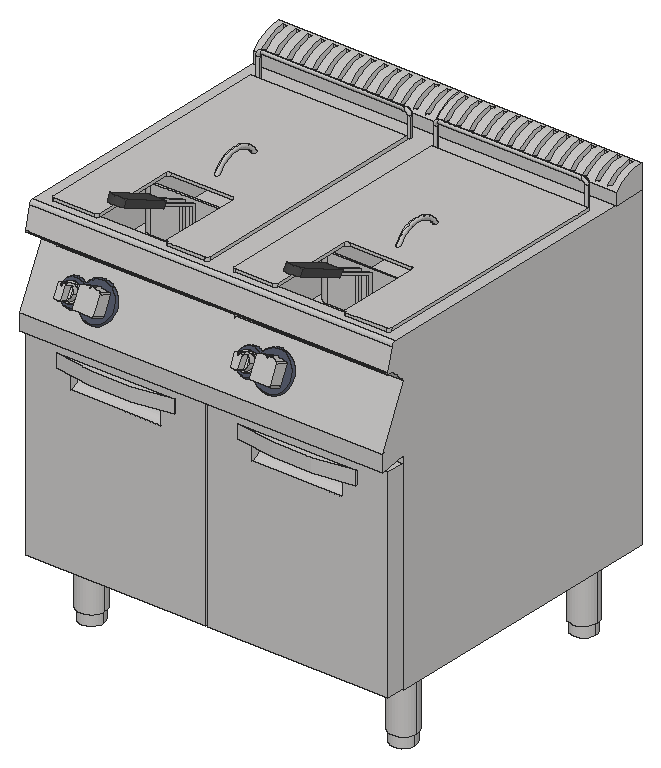
Revit family "QF_ZANUSSI_372071_Z7FRGH2GF0", category Specialty Equipment, Revit 2018 (continued)
Lines and regions (mm)
  symbolic lines
    curve 235: arc (560.468, -725.115, 0) -> (559.28, -725.595, 0) -> (558.003, -725.688, 0) r 4.127
    curve 236: arc (561, -704.301, 0) -> (566.041, -702.467, 0) -> (570.809, -700.008, 0) r 42.24
    curve 237: arc (561, -706.547, 0) -> (560.498, -705.826, 0) -> (559.701, -705.457, 0) r 1.682
    curve 238: arc (559.701, -705.457, 0) -> (549.398, -703.958, 0) -> (539, -703.449, 0) r 109.079
    curve 239: line (517.997, -725.688, 0) -> (558.003, -725.688, 0)
    curve 240: line (475.001, -725.985, 908.9) -> (475.001, -701.232, 908.9)
    curve 241: line (490.997, -701.232, 908.9) -> (490.997, -725.985, 908.9)
    curve 242: spline (472.365, -710.172, 908.9) -> (470.876, -709.5, 908.9) -> (469.601, -708.745, 908.9) -> (468.561, -707.922, 908.9) -> (467.775, -707.045, 908.9) -> (467.258, -706.13, 908.9) -> (467.017, -705.192, 908.9) -> (467.057, -704.248, 908.9) -> (467.378, -703.315, 908.9) -> (467.974, -702.408, 908.9) -> (468.834, -701.545, 908.9) -> (469.944, -700.741, 908.9) -> (471.283, -700.008, 908.9)
    curve 243: spline (494.714, -700.008, 908.9) -> (496.057, -700.743, 908.9) -> (497.17, -701.551, 908.9) -> (498.032, -702.418, 908.9) -> (498.627, -703.328, 908.9) -> (498.946, -704.265, 908.9) -> (498.982, -705.212, 908.9) -> (498.734, -706.153, 908.9) -> (498.209, -707.071, 908.9) -> (497.413, -707.95, 908.9) -> (496.363, -708.775, 908.9) -> (495.075, -709.529, 908.9) -> (493.574, -710.202, 908.9)
    curve 244: spline (493.574, -710.202, 908.9) -> (493.294, -710.33, 908.9) -> (493.013, -710.495, 908.9) -> (492.735, -710.695, 908.9) -> (492.465, -710.926, 908.9) -> (492.206, -711.185, 908.9) -> (491.963, -711.469, 908.9) -> (491.738, -711.773, 908.9) -> (491.535, -712.093, 908.9) -> (491.357, -712.424, 908.9) -> (491.207, -712.762, 908.9) -> (491.086, -713.102, 908.9) -> (490.997, -713.438, 908.9)
    curve 245: spline (475.001, -713.349, 908.9) -> (474.929, -712.996, 908.9) -> (474.821, -712.642, 908.9) -> (474.68, -712.295, 908.9) -> (474.507, -711.958, 908.9) -> (474.306, -711.636, 908.9) -> (474.077, -711.335, 908.9) -> (473.827, -711.059, 908.9) -> (473.556, -710.811, 908.9) -> (473.271, -710.596, 908.9) -> (472.974, -710.416, 908.9) -> (472.671, -710.274, 908.9) -> (472.365, -710.172, 908.9)
    curve 246: line (466.999, -704.855, 908.9) -> (466.999, -700.008, 908.9)
    curve 247: line (499.001, -704.858, 908.9) -> (499.001, -700.008, 908.9)
    curve 248: arc (475.001, -725.985, 908.9) -> (482.999, -727.071, 908.9) -> (490.997, -725.985, 908.9) r 30
    curve 249: arc (475.001, -701.232, 0) -> (474.902, -700.575, 0) -> (474.556, -700.008, 0) r 1.677
    curve 250: arc (490.997, -701.232, 0) -> (491.096, -700.575, 0) -> (491.442, -700.008, 0) r 1.677
    curve 252: line (224.093, -700, 850) -> (575.857, -700, 850)
    curve 253: line (613.092, -700, 850) -> (800, -700, 850)
    curve 254: line (0, -715, 850) -> (85, -715, 850)
    curve 255: line (100.929, -715, 850) -> (125, -715, 850)
    curve 256: line (171, -715, 850) -> (199.875, -715, 850)
    curve 257: line (211.076, -715, 850) -> (475.001, -715, 850)
    curve 258: line (490.997, -715, 850) -> (515, -715, 850)
    curve 259: line (561, -715, 850) -> (588.874, -715, 850)
    curve 260: line (600.075, -715, 850) -> (800, -715, 850)
  symbolic lines, style "QF-Door Swings"
    curve 165: arc (396.1, -715, 850) -> (380.065, -802.318, 850) -> (345.029, -883.89, 850) r 397.062
    curve 166: line (345.029, -883.89, 850) -> (74.24, -715, 850)
    curve 167: arc (403.9, -715, 850) -> (419.935, -802.318, 850) -> (454.971, -883.89, 850) r 397.062
    curve 168: line (454.971, -883.89, 850) -> (725.76, -715, 850)
  symbolic lines, style "SpecialityEquipment"
    curve 169: line (13.453, -63.911, 0) -> (22.749, -63.911, 0)
    curve 170: line (375.403, -63.911, 0) -> (384.699, -63.911, 0)
    curve 171: line (41.295, -63.911, 0) -> (50.591, -63.911, 0)
    curve 172: line (69.137, -63.911, 0) -> (78.433, -63.911, 0)
    curve 173: line (96.98, -63.911, 0) -> (106.275, -63.911, 0)
    curve 174: line (124.822, -63.911, 0) -> (134.118, -63.911, 0)
    curve 175: line (152.664, -63.911, 0) -> (161.96, -63.911, 0)
    curve 176: line (180.507, -63.911, 0) -> (189.802, -63.911, 0)
    curve 177: line (208.349, -63.911, 0) -> (217.645, -63.911, 0)
    curve 178: line (236.191, -63.911, 0) -> (245.487, -63.911, 0)
    curve 179: line (264.034, -63.911, 0) -> (273.329, -63.911, 0)
    curve 180: line (291.876, -63.911, 0) -> (301.172, -63.911, 0)
    curve 181: line (319.718, -63.911, 0) -> (329.014, -63.911, 0)
    curve 182: line (347.561, -63.911, 0) -> (356.856, -63.911, 0)
    curve 183: line (786.597, -63.911, 0) -> (777.301, -63.911, 0)
    curve 184: line (424.647, -63.911, 0) -> (415.351, -63.911, 0)
    curve 185: line (758.755, -63.911, 0) -> (749.459, -63.911, 0)
    curve 186: line (730.913, -63.911, 0) -> (721.617, -63.911, 0)
    curve 187: line (703.07, -63.911, 0) -> (693.775, -63.911, 0)
    curve 188: line (675.228, -63.911, 0) -> (665.932, -63.911, 0)
    curve 189: line (647.386, -63.911, 0) -> (638.09, -63.911, 0)
    curve 190: line (619.543, -63.911, 0) -> (610.248, -63.911, 0)
    curve 191: line (591.701, -63.911, 0) -> (582.405, -63.911, 0)
    curve 192: line (563.859, -63.911, 0) -> (554.563, -63.911, 0)
    curve 193: line (536.016, -63.911, 0) -> (526.721, -63.911, 0)
    curve 194: line (508.174, -63.911, 0) -> (498.878, -63.911, 0)
    curve 195: line (480.332, -63.911, 0) -> (471.036, -63.911, 0)
    curve 196: line (452.489, -63.911, 0) -> (443.194, -63.911, 0)
    curve 251: line (0, -700, 850) -> (186.858, -700, 850)
Dimensions and locks
  equal spacing: plane 3 "LEFT", plane 7 "Center Y", plane 4 "RIGHT"
  "Width": plane 3 "LEFT" to plane 4 "RIGHT"
  equal spacing: plane 5 "FRONT", plane 8 "Center X", plane 1 "BACK"
  "Depth": plane 5 "FRONT" to plane 1 "BACK"
  plane 1 "BACK" to plane 5 "FRONT" = 715 mm
  "Base Height": plane 14 to level
  Extrusion 50 sketch curve to plane 1 "BACK" = 517 mm
  Extrusion 50 sketch curve to plane 4 "RIGHT" = 45 mm
  plane 10 "TOP A" to plane 14 = 700 mm
  plane 10 "TOP A" to plane 9 "BASE" = 250 mm
  plane 6 "TOP" to plane 10 "TOP A" = 55 mm
  plane 13 to plane 10 "TOP A" = 88 mm
  aligned and locked: level to plane 2
  aligned and locked: plane 4 "RIGHT" to Extrusion 1
  aligned and locked: plane 4 "RIGHT" to Extrusion 2
  aligned and locked: plane 6 "TOP" to Extrusion 5
Automatic sketch dimensions
  Extrusion 1 sketch curve to plane 5 "FRONT" = 0 mm
  Extrusion 1 sketch curve to plane 9 "BASE" = 0 mm
  Extrusion 1 sketch curve to plane 10 "TOP A" = 0 mm
  Extrusion 1 sketch curve to plane 14 = 0 mm
  Extrusion 1 sketch curve to plane 1 "BACK" = 0 mm
  plane 14 to Extrusion 1 sketch curve = 5 mm
  Extrusion 1 sketch curve to plane 5 "FRONT" = 15 mm
  Extrusion 1 sketch curve to plane 5 "FRONT" = 15.116 mm
  Extrusion 1 sketch curve to Extrusion 1 sketch curve = 2.884 mm
  Extrusion 1 sketch curve to plane 10 "TOP A" = 7.474 mm
  Extrusion 1 sketch curve to plane 5 "FRONT" = 28.167 mm
  Extrusion 1 sketch curve to Extrusion 1 sketch curve = 10.198 mm
  Extrusion 1 sketch curve to Extrusion 1 sketch curve = 40 mm
  plane 9 "BASE" to Extrusion 1 sketch curve = 13.428 mm
  Extrusion 1 sketch curve to Extrusion 1 sketch curve = 1.355 mm
  Extrusion 1 sketch curve to Extrusion 1 sketch curve = 0.445 mm
  Extrusion 1 sketch curve to Extrusion 1 sketch curve = 5 mm
  Extrusion 1 sketch curve to Extrusion 1 sketch curve = 31.82 mm  (x2)
  plane 9 "BASE" to Extrusion 1 sketch curve = 5.508 mm
  Extrusion 1 sketch curve to Extrusion 1 sketch curve = 35 mm
  Extrusion 1 sketch curve to Extrusion 1 sketch curve = 81.162 mm
  Extrusion 1 sketch curve to Extrusion 1 sketch curve = 3 mm
  plane 1 "BACK" to Extrusion 4 sketch curve = 6.761 mm
  plane 3 "LEFT" to Extrusion 4 sketch curve = 22.749 mm
  Extrusion 4 sketch curve to Extrusion 4 sketch curve = 9.296 mm
  Extrusion 4 sketch curve to Extrusion 4 sketch curve = 57.15 mm
  Extrusion 8 sketch curve to plane 7 "Center Y" = 175.907 mm
  Extrusion 8 sketch curve to Extrusion 8 sketch curve = 0 mm
  Extrusion 8 sketch curve to Extrusion 8 sketch curve = 11.832 mm
  Extrusion 8 sketch curve to Extrusion 8 sketch curve = 106.78 mm
  Extrusion 8 sketch curve to Extrusion 8 sketch curve = 18.617 mm
  Extrusion 9 sketch curve to plane 11 = 1.013 mm
  Extrusion 9 sketch curve to plane 11 = 3.696 mm
  Extrusion 9 sketch curve to plane 10 "TOP A" = 11.567 mm
  Extrusion 9 sketch curve to plane 11 = 84.899 mm
  Extrusion 9 sketch curve to plane 10 "TOP A" = 7.522 mm
  Extrusion 9 sketch curve to Extrusion 9 sketch curve = 6.35 mm
  Extrusion 9 sketch curve to Extrusion 9 sketch curve = 97.432 mm
  Extrusion 10 sketch curve to plane 11 = 1.013 mm
  Extrusion 10 sketch curve to plane 11 = 3.696 mm
  Extrusion 10 sketch curve to plane 10 "TOP A" = 11.567 mm
  Extrusion 10 sketch curve to plane 11 = 84.899 mm
  Extrusion 10 sketch curve to Extrusion 10 sketch curve = 6.35 mm
  Extrusion 10 sketch curve to plane 10 "TOP A" = 7.522 mm
  Extrusion 10 sketch curve to Extrusion 10 sketch curve = 97.432 mm
  Sweep 11 sketch curve to plane 10 "TOP A" = 0 mm  (x2)
  Sweep 11 sketch curve to plane 8 "Center X" = 12.824 mm
  Sweep 11 sketch curve to plane 10 "TOP A" = 26.978 mm
  Sweep 11 sketch curve to Sweep 11 sketch curve = 54.439 mm
  Sweep 11 sketch curve to profile plane = 0 mm  (x2)
  Sweep 12 sketch curve to plane 10 "TOP A" = 0 mm  (x2)
  Sweep 12 sketch curve to plane 8 "Center X" = 12.824 mm
  Sweep 12 sketch curve to plane 10 "TOP A" = 26.978 mm
  Sweep 12 sketch curve to Sweep 12 sketch curve = 54.439 mm
  Sweep 12 sketch curve to profile plane = 0 mm
  profile plane to Sweep 12 sketch curve = 0 mm
  plane 7 "Center Y" to Extrusion 13 sketch curve = 175.907 mm
  Extrusion 13 sketch curve to Extrusion 13 sketch curve = 0 mm
  Extrusion 13 sketch curve to Extrusion 13 sketch curve = 11.832 mm
  Extrusion 13 sketch curve to Extrusion 13 sketch curve = 106.78 mm
  Extrusion 13 sketch curve to Extrusion 13 sketch curve = 18.617 mm
  Extrusion 15 sketch curve to plane 11 = 1.013 mm
  Extrusion 15 sketch curve to plane 11 = 3.696 mm
  Extrusion 15 sketch curve to plane 10 "TOP A" = 11.567 mm
  Extrusion 15 sketch curve to plane 11 = 84.899 mm
  Extrusion 15 sketch curve to plane 10 "TOP A" = 7.522 mm
  Extrusion 15 sketch curve to Extrusion 15 sketch curve = 6.35 mm
  Extrusion 15 sketch curve to Extrusion 15 sketch curve = 97.432 mm
  Extrusion 16 sketch curve to plane 11 = 1.013 mm
  Extrusion 16 sketch curve to plane 11 = 3.696 mm
  Extrusion 16 sketch curve to plane 10 "TOP A" = 11.567 mm
  Extrusion 16 sketch curve to plane 11 = 84.899 mm
  Extrusion 16 sketch curve to Extrusion 16 sketch curve = 6.35 mm
  Extrusion 16 sketch curve to Extrusion 16 sketch curve = 97.432 mm
  Extrusion 16 sketch curve to plane 10 "TOP A" = 7.522 mm
  plane 1 "BACK" to Extrusion 18 sketch curve = 6.761 mm
  Extrusion 18 sketch curve to plane 7 "Center Y" = 15.351 mm
  Extrusion 18 sketch curve to Extrusion 18 sketch curve = 9.296 mm
  Extrusion 18 sketch curve to Extrusion 18 sketch curve = 57.15 mm
  plane 1 "BACK" to Extrusion 19 sketch curve = 6.761 mm
  plane 3 "LEFT" to Extrusion 19 sketch curve = 50.591 mm
  Extrusion 19 sketch curve to Extrusion 19 sketch curve = 9.296 mm
  Extrusion 19 sketch curve to Extrusion 19 sketch curve = 57.15 mm
  plane 1 "BACK" to Extrusion 20 sketch curve = 6.761 mm
  plane 3 "LEFT" to Extrusion 20 sketch curve = 78.433 mm
  Extrusion 20 sketch curve to Extrusion 20 sketch curve = 9.296 mm
  Extrusion 20 sketch curve to Extrusion 20 sketch curve = 57.15 mm
  plane 1 "BACK" to Extrusion 21 sketch curve = 6.761 mm
  plane 3 "LEFT" to Extrusion 21 sketch curve = 106.275 mm
  Extrusion 21 sketch curve to Extrusion 21 sketch curve = 9.296 mm
  Extrusion 21 sketch curve to Extrusion 21 sketch curve = 57.15 mm
  plane 1 "BACK" to Extrusion 22 sketch curve = 6.761 mm
  plane 3 "LEFT" to Extrusion 22 sketch curve = 134.118 mm
  Extrusion 22 sketch curve to Extrusion 22 sketch curve = 9.296 mm
  Extrusion 22 sketch curve to Extrusion 22 sketch curve = 57.15 mm
  plane 1 "BACK" to Extrusion 23 sketch curve = 6.761 mm
  plane 3 "LEFT" to Extrusion 23 sketch curve = 161.96 mm
  Extrusion 23 sketch curve to Extrusion 23 sketch curve = 9.296 mm
  Extrusion 23 sketch curve to Extrusion 23 sketch curve = 57.15 mm
  plane 1 "BACK" to Extrusion 24 sketch curve = 6.761 mm
  plane 3 "LEFT" to Extrusion 24 sketch curve = 189.802 mm
  Extrusion 24 sketch curve to Extrusion 24 sketch curve = 9.296 mm
  Extrusion 24 sketch curve to Extrusion 24 sketch curve = 57.15 mm
  plane 1 "BACK" to Extrusion 25 sketch curve = 6.761 mm
  Extrusion 25 sketch curve to plane 7 "Center Y" = 182.405 mm
  Extrusion 25 sketch curve to Extrusion 25 sketch curve = 9.296 mm
  Extrusion 25 sketch curve to Extrusion 25 sketch curve = 57.15 mm
  plane 1 "BACK" to Extrusion 26 sketch curve = 6.761 mm
  Extrusion 26 sketch curve to plane 7 "Center Y" = 154.563 mm
  Extrusion 26 sketch curve to Extrusion 26 sketch curve = 9.296 mm
  Extrusion 26 sketch curve to Extrusion 26 sketch curve = 57.15 mm
  plane 1 "BACK" to Extrusion 27 sketch curve = 6.761 mm
  Extrusion 27 sketch curve to plane 7 "Center Y" = 126.721 mm
  Extrusion 27 sketch curve to Extrusion 27 sketch curve = 9.296 mm
  Extrusion 27 sketch curve to Extrusion 27 sketch curve = 57.15 mm
  plane 1 "BACK" to Extrusion 28 sketch curve = 6.761 mm
  Extrusion 28 sketch curve to plane 7 "Center Y" = 98.878 mm
  Extrusion 28 sketch curve to Extrusion 28 sketch curve = 9.296 mm
  Extrusion 28 sketch curve to Extrusion 28 sketch curve = 57.15 mm
  plane 1 "BACK" to Extrusion 29 sketch curve = 6.761 mm
  Extrusion 29 sketch curve to plane 7 "Center Y" = 71.036 mm
  Extrusion 29 sketch curve to Extrusion 29 sketch curve = 9.296 mm
  Extrusion 29 sketch curve to Extrusion 29 sketch curve = 57.15 mm
  plane 1 "BACK" to Extrusion 30 sketch curve = 6.761 mm
  Extrusion 30 sketch curve to plane 7 "Center Y" = 43.194 mm
  Extrusion 30 sketch curve to Extrusion 30 sketch curve = 9.296 mm
  Extrusion 30 sketch curve to Extrusion 30 sketch curve = 57.15 mm
  Extrusion 32 sketch curve to plane 1 "BACK" = 6.761 mm
  Extrusion 32 sketch curve to plane 7 "Center Y" = 15.351 mm
  Extrusion 32 sketch curve to Extrusion 32 sketch curve = 9.296 mm
  Extrusion 32 sketch curve to Extrusion 32 sketch curve = 57.15 mm
  Extrusion 39 sketch curve to plane 1 "BACK" = 6.761 mm
  Extrusion 39 sketch curve to plane 7 "Center Y" = 182.405 mm
  Extrusion 39 sketch curve to Extrusion 39 sketch curve = 9.296 mm
  Extrusion 39 sketch curve to Extrusion 39 sketch curve = 57.15 mm
  Extrusion 40 sketch curve to plane 1 "BACK" = 6.761 mm
  Extrusion 40 sketch curve to plane 7 "Center Y" = 154.563 mm
  Extrusion 40 sketch curve to Extrusion 40 sketch curve = 9.296 mm
  Extrusion 40 sketch curve to Extrusion 40 sketch curve = 57.15 mm
  Extrusion 41 sketch curve to plane 1 "BACK" = 6.761 mm
  Extrusion 41 sketch curve to plane 7 "Center Y" = 126.721 mm
  Extrusion 41 sketch curve to Extrusion 41 sketch curve = 9.296 mm
  Extrusion 41 sketch curve to Extrusion 41 sketch curve = 57.15 mm
  Extrusion 42 sketch curve to plane 1 "BACK" = 6.761 mm
  Extrusion 42 sketch curve to plane 7 "Center Y" = 98.878 mm
  Extrusion 42 sketch curve to Extrusion 42 sketch curve = 9.296 mm
  Extrusion 42 sketch curve to Extrusion 42 sketch curve = 57.15 mm
  Extrusion 43 sketch curve to plane 1 "BACK" = 6.761 mm
  Extrusion 43 sketch curve to plane 7 "Center Y" = 71.036 mm
  Extrusion 43 sketch curve to Extrusion 43 sketch curve = 9.296 mm
  Extrusion 43 sketch curve to Extrusion 43 sketch curve = 57.15 mm
  Extrusion 44 sketch curve to plane 1 "BACK" = 6.761 mm
  Extrusion 44 sketch curve to plane 7 "Center Y" = 43.194 mm
  Extrusion 44 sketch curve to Extrusion 44 sketch curve = 9.296 mm
  Extrusion 44 sketch curve to Extrusion 44 sketch curve = 57.15 mm
  plane 1 "BACK" to Extrusion 45 sketch curve = 0 mm
  plane 7 "Center Y" to Extrusion 45 sketch curve = 1.587 mm
  Extrusion 45 sketch curve to plane 7 "Center Y" = 1.588 mm
  Extrusion 45 sketch curve to Extrusion 45 sketch curve = 69.85 mm
  Revolve 46 sketch curve to level = 0 mm
  Revolve 46 sketch curve to plane 14 = 0 mm  (x2)
  level to Revolve 46 sketch curve = 25 mm
  plane 3 "LEFT" to Revolve 46 sketch curve = 56 mm
  plane 3 "LEFT" to Revolve 46 sketch curve = 29.75 mm
  plane 3 "LEFT" to Revolve 46 sketch curve = 26 mm
  Revolve 46 sketch curve to Revolve 46 sketch curve = 20 mm
  Revolve 46 sketch curve to Revolve 46 sketch curve = 0 mm
  Revolve 47 sketch curve to level = 0 mm
  Revolve 47 sketch curve to plane 14 = 0 mm  (x2)
  level to Revolve 47 sketch curve = 25 mm
  plane 3 "LEFT" to Revolve 47 sketch curve = 56 mm
  plane 3 "LEFT" to Revolve 47 sketch curve = 29.75 mm
  plane 3 "LEFT" to Revolve 47 sketch curve = 26 mm
  Revolve 47 sketch curve to Revolve 47 sketch curve = 20 mm
  Revolve 47 sketch curve to Revolve 47 sketch curve = 0 mm
  Extrusion 51 sketch curve to plane 5 "FRONT" = 12.909 mm
  Extrusion 51 sketch curve to plane 5 "FRONT" = 15 mm
  Extrusion 51 sketch curve to Extrusion 51 sketch curve = 22 mm
  Extrusion 51 sketch curve to plane 9 "BASE" = 83 mm
  Extrusion 51 sketch curve to Extrusion 51 sketch curve = 26 mm
  Extrusion 52 sketch curve to plane 5 "FRONT" = 15 mm
  Extrusion 52 sketch curve to plane 7 "Center Y" = 69.727 mm
  Extrusion 52 sketch curve to plane 12 = 42.135 mm
  plane 3 "LEFT" to Extrusion 52 sketch curve = 200 mm
  plane 3 "LEFT" to Extrusion 52 sketch curve = 69.727 mm
  Extrusion 52 sketch curve to Extrusion 52 sketch curve = 0.915 mm
  Extrusion 53 sketch curve to plane 5 "FRONT" = 12.909 mm
  Extrusion 53 sketch curve to plane 5 "FRONT" = 15 mm
  Extrusion 53 sketch curve to Extrusion 53 sketch curve = 22 mm
  Extrusion 53 sketch curve to plane 9 "BASE" = 83 mm
  Extrusion 53 sketch curve to Extrusion 53 sketch curve = 26 mm
  Extrusion 56 sketch curve to plane 9 "BASE" = 0 mm
  plane 7 "Center Y" to Extrusion 56 sketch curve = 2.13 mm
  plane 14 to Extrusion 56 sketch curve = 5 mm
  Extrusion 56 sketch curve to plane 7 "Center Y" = 2.13 mm
  plane 3 "LEFT" to Blend 57 sketch curve = 95 mm  (x2)
  Blend 57 sketch curve to Blend 57 sketch curve = 53 mm  (x2)
  Blend 57 sketch curve to Blend 57 sketch curve = 0 mm  (x2)
  Blend 57 sketch curve to Blend 57 sketch curve = 17.95 mm
  Blend 57 sketch curve to Blend 57 sketch curve = 24.037 mm
  Blend 57 sketch curve to Blend 57 sketch curve = 18.422 mm
  Blend 57 sketch curve to Blend 57 sketch curve = 21.086 mm
  plane 3 "LEFT" to Extrusion 58 sketch curve = 92.999 mm
  plane 3 "LEFT" to Extrusion 59 sketch curve = 125 mm
  Extrusion 59 sketch curve to Extrusion 59 sketch curve = 2.997 mm  (x3)
  Extrusion 59 sketch curve to Extrusion 59 sketch curve = 20.003 mm  (x2)
  Extrusion 59 sketch curve to Extrusion 59 sketch curve = 40.005 mm
  Extrusion 59 sketch curve to Extrusion 59 sketch curve = 5.399 mm
  Extrusion 59 sketch curve to Extrusion 59 sketch curve = 40.037 mm
  Extrusion 59 sketch curve to Extrusion 59 sketch curve = 0 mm  (x2)
  Split face 27 sketch curve to Split face 27 sketch curve = 2.545 mm
  Split face 27 sketch curve to Split face 27 sketch curve = 4.379 mm
  Split face 28 sketch curve to Split face 28 sketch curve = 0.816 mm  (x2)
  Split face 28 sketch curve to Split face 28 sketch curve = 2.828 mm
  plane 3 "LEFT" to Extrusion 60 sketch curve = 92.999 mm
  plane 3 "LEFT" to Extrusion 61 sketch curve = 76.107 mm
  Extrusion 61 sketch curve to Extrusion 61 sketch curve = 6.058 mm
  Extrusion 61 sketch curve to Extrusion 61 sketch curve = 0.01 mm  (x2)
  Extrusion 61 sketch curve to Extrusion 61 sketch curve = 8.895 mm  (x2)
  Extrusion 61 sketch curve to Extrusion 61 sketch curve = 15.995 mm
  Extrusion 61 sketch curve to Extrusion 61 sketch curve = 2.827 mm  (x3)
  Extrusion 61 sketch curve to Extrusion 61 sketch curve = 0 mm
  Extrusion 61 sketch curve to Extrusion 61 sketch curve = 15.163 mm
  Extrusion 61 sketch curve to Extrusion 61 sketch curve = 15.173 mm
  Extrusion 62 sketch curve to plane 5 "FRONT" = 9.344 mm
  Extrusion 62 sketch curve to plane 10 "TOP A" = 112.004 mm
  Extrusion 62 sketch curve to Extrusion 62 sketch curve = 3 mm
  Extrusion 62 sketch curve to Extrusion 62 sketch curve = 0 mm  (x2)
  Extrusion 62 sketch curve to Extrusion 62 sketch curve = 1 mm
  Extrusion 62 sketch curve to Extrusion 62 sketch curve = 15 mm
  Extrusion 63 sketch curve to Extrusion 63 sketch curve = 0 mm  (x2)
  Extrusion 63 sketch curve to plane 5 "FRONT" = 15.014 mm
  Extrusion 63 sketch curve to plane 10 "TOP A" = 122.999 mm
  Extrusion 63 sketch curve to Extrusion 63 sketch curve = 1 mm
  Extrusion 63 sketch curve to Extrusion 63 sketch curve = 2.764 mm
  Extrusion 63 sketch curve to Extrusion 63 sketch curve = 2.616 mm
  Extrusion 63 sketch curve to Extrusion 63 sketch curve = 12.193 mm
  plane 7 "Center Y" to Blend 64 sketch curve = 85 mm  (x2)
  Blend 64 sketch curve to Blend 64 sketch curve = 53 mm  (x2)
  Blend 64 sketch curve to Blend 64 sketch curve = 0 mm  (x2)
  Blend 64 sketch curve to Blend 64 sketch curve = 17.95 mm
  Blend 64 sketch curve to Blend 64 sketch curve = 24.037 mm
  Blend 64 sketch curve to Blend 64 sketch curve = 18.422 mm
  Blend 64 sketch curve to Blend 64 sketch curve = 21.086 mm
  plane 7 "Center Y" to Extrusion 65 sketch curve = 82.999 mm
  plane 7 "Center Y" to Extrusion 66 sketch curve = 115 mm
  Extrusion 66 sketch curve to Extrusion 66 sketch curve = 2.997 mm  (x3)
  Extrusion 66 sketch curve to Extrusion 66 sketch curve = 20.003 mm  (x2)
  Extrusion 66 sketch curve to Extrusion 66 sketch curve = 40.005 mm
  Extrusion 66 sketch curve to Extrusion 66 sketch curve = 5.399 mm
  Extrusion 66 sketch curve to Extrusion 66 sketch curve = 40.037 mm
  Extrusion 66 sketch curve to Extrusion 66 sketch curve = 0 mm  (x2)
  Split face 55 sketch curve to Split face 55 sketch curve = 2.545 mm
  Split face 55 sketch curve to Split face 55 sketch curve = 4.379 mm
  Split face 56 sketch curve to Split face 56 sketch curve = 0.816 mm  (x2)
  Split face 56 sketch curve to Split face 56 sketch curve = 2.828 mm
  plane 7 "Center Y" to Extrusion 67 sketch curve = 82.999 mm
  plane 7 "Center Y" to Extrusion 68 sketch curve = 66.107 mm
  Extrusion 68 sketch curve to Extrusion 68 sketch curve = 6.058 mm
  Extrusion 68 sketch curve to Extrusion 68 sketch curve = 0.01 mm  (x2)
  Extrusion 68 sketch curve to Extrusion 68 sketch curve = 8.895 mm  (x2)
  Extrusion 68 sketch curve to Extrusion 68 sketch curve = 15.995 mm
  Extrusion 68 sketch curve to Extrusion 68 sketch curve = 2.827 mm  (x3)
  Extrusion 68 sketch curve to Extrusion 68 sketch curve = 0 mm
  Extrusion 68 sketch curve to Extrusion 68 sketch curve = 15.163 mm
  Extrusion 68 sketch curve to Extrusion 68 sketch curve = 15.173 mm
  Extrusion 69 sketch curve to plane 5 "FRONT" = 9.344 mm
  Extrusion 69 sketch curve to plane 10 "TOP A" = 112.004 mm
  Extrusion 69 sketch curve to Extrusion 69 sketch curve = 3 mm
  Extrusion 69 sketch curve to Extrusion 69 sketch curve = 0 mm  (x2)
  Extrusion 69 sketch curve to Extrusion 69 sketch curve = 1 mm
  Extrusion 69 sketch curve to Extrusion 69 sketch curve = 15 mm
  Extrusion 70 sketch curve to Extrusion 70 sketch curve = 0 mm  (x2)
  Extrusion 70 sketch curve to plane 5 "FRONT" = 15.014 mm
  Extrusion 70 sketch curve to plane 10 "TOP A" = 122.999 mm
  Extrusion 70 sketch curve to Extrusion 70 sketch curve = 1 mm
  Extrusion 70 sketch curve to Extrusion 70 sketch curve = 2.764 mm
  Extrusion 70 sketch curve to Extrusion 70 sketch curve = 2.616 mm
  Extrusion 70 sketch curve to Extrusion 70 sketch curve = 12.193 mm
  curve 222 to plane 5 "FRONT" = 13.851 mm
  plane 3 "LEFT" to curve 222 = 83.327 mm
  curve 222 to curve 223 = 19.344 mm
  plane 5 "FRONT" to curve 197 = 9.355 mm
  curve 223 to curve 197 = 22.329 mm
  curve 197 to curve 198 = 0.809 mm
  curve 201 to curve 201 = 1.583 mm
  curve 198 to curve 199 = 1.846 mm
  curve 198 to curve 212 = 2.189 mm
  curve 197 to curve 200 = 11.892 mm
  curve 204 to plane 5 "FRONT" = 9.321 mm
  curve 201 to curve 204 = 20.417 mm
  curve 212 to curve 202 = 19.134 mm
  curve 202 to curve 211 = 1.738 mm
  curve 203 to curve 204 = 2 mm
  curve 200 to curve 209 = 22.215 mm
  curve 204 to curve 212 = 19.003 mm
  curve 212 to curve 208 = 0.343 mm
  curve 208 to curve 210 = 1.071 mm
  curve 212 to curve 207 = 2.189 mm
  curve 207 to curve 206 = 0.809 mm
  curve 249 to plane 5 "FRONT" = 13.851 mm
  plane 7 "Center Y" to curve 249 = 73.327 mm
  curve 249 to curve 250 = 19.344 mm
  plane 5 "FRONT" to curve 224 = 9.355 mm
  curve 250 to curve 224 = 22.329 mm
  curve 224 to curve 225 = 0.809 mm
  curve 228 to curve 228 = 1.583 mm
  curve 225 to curve 226 = 1.846 mm
  curve 225 to curve 239 = 2.189 mm
  curve 224 to curve 227 = 11.892 mm
  curve 230 to plane 5 "FRONT" = 9.321 mm
  curve 228 to curve 230 = 20.417 mm
  curve 226 to curve 229 = 19.134 mm
  curve 229 to curve 238 = 1.738 mm
  curve 230 to curve 231 = 2 mm
  curve 227 to curve 236 = 22.215 mm
  curve 231 to curve 239 = 19.003 mm
  curve 239 to curve 235 = 0.343 mm
  curve 235 to curve 237 = 1.071 mm
  curve 239 to curve 234 = 2.189 mm
  curve 234 to curve 233 = 0.809 mm
  curve 239 to curve 225 = 1.333 mm
  plane 5 "FRONT" to curve 212 = 10.688 mm
  curve 202 to curve 212 = 86.839 mm
  curve 202 to curve 211 = 0 mm
  curve 229 to curve 226 = 86.839 mm
  curve 229 to curve 238 = 0 mm
  curve 239 to curve 234 = 1.333 mm
  curve 212 to curve 206 = 1.333 mm
  curve 234 to curve 235 = 2.779 mm
  curve 207 to curve 208 = 2.779 mm
  curve 198 to curve 199 = 2.779 mm
  curve 225 to curve 226 = 2.779 mm
  curve 237 to plane 5 "FRONT" = 7.886 mm
  curve 228 to plane 5 "FRONT" = 7.886 mm
  curve 210 to plane 5 "FRONT" = 7.886 mm
  curve 201 to plane 5 "FRONT" = 7.886 mm
  curve 250 to plane 5 "FRONT" = 13.851 mm
  curve 223 to plane 5 "FRONT" = 13.851 mm
  curve 204 to curve 209 = 41.91 mm
  curve 200 to curve 209 = 0 mm
  curve 231 to curve 236 = 41.91 mm
  curve 227 to curve 236 = 0 mm
  plane 3 "LEFT" to curve 173 = 96.98 mm
  curve 172 to curve 173 = 18.547 mm
  curve 172 to curve 172 = 9.296 mm
  curve 171 to curve 172 = 18.547 mm
  curve 171 to curve 171 = 9.296 mm
  curve 169 to curve 171 = 18.547 mm
  curve 169 to curve 169 = 9.296 mm
  curve 222 to curve 222 = 1.229 mm
  curve 222 to curve 222 = 0.445 mm
  curve 173 to curve 173 = 9.296 mm
  curve 223 to curve 223 = 1.675 mm
  curve 223 to curve 223 = 0.445 mm
  curve 173 to curve 174 = 18.547 mm
  curve 200 to curve 197 = 9.809 mm
  curve 174 to curve 174 = 9.296 mm
  curve 202 to curve 201 = 0.284 mm
  curve 174 to curve 175 = 18.547 mm
  curve 175 to curve 175 = 9.296 mm
  curve 175 to curve 176 = 18.547 mm
  curve 210 to curve 211 = 0.284 mm
  curve 176 to curve 176 = 9.296 mm
  curve 206 to curve 209 = 9.809 mm
  curve 176 to curve 177 = 18.547 mm
  curve 177 to curve 177 = 9.296 mm
  curve 177 to curve 178 = 18.547 mm
  curve 178 to curve 178 = 9.296 mm
  curve 178 to curve 179 = 18.547 mm
  curve 179 to curve 179 = 9.296 mm
  curve 179 to curve 180 = 18.547 mm
  curve 180 to curve 180 = 9.296 mm
  curve 180 to curve 181 = 18.547 mm
  curve 181 to curve 181 = 9.296 mm
  curve 181 to curve 182 = 18.547 mm
  curve 182 to curve 182 = 9.296 mm
  curve 182 to curve 170 = 18.547 mm
  curve 170 to curve 170 = 9.296 mm
  plane 7 "Center Y" to curve 184 = 15.351 mm
  curve 184 to curve 184 = 9.296 mm
  curve 184 to curve 196 = 18.547 mm
  curve 196 to curve 196 = 9.296 mm
  curve 196 to curve 195 = 18.547 mm
  curve 195 to curve 195 = 9.296 mm
  curve 195 to curve 194 = 18.547 mm
  curve 249 to curve 249 = 1.229 mm
  curve 249 to curve 249 = 0.445 mm
  curve 194 to curve 194 = 9.296 mm
  curve 250 to curve 250 = 1.675 mm
  curve 250 to curve 250 = 0.445 mm
  curve 194 to curve 193 = 18.547 mm
  curve 227 to curve 224 = 9.809 mm
  curve 193 to curve 193 = 9.296 mm
  curve 229 to curve 228 = 0.284 mm
  curve 193 to curve 192 = 18.547 mm
  curve 192 to curve 192 = 9.296 mm
  curve 192 to curve 191 = 18.547 mm
  curve 237 to curve 238 = 0.284 mm
  curve 191 to curve 191 = 9.296 mm
  curve 233 to curve 236 = 9.809 mm
  curve 191 to curve 190 = 18.547 mm
  curve 190 to curve 190 = 9.296 mm
  curve 190 to curve 189 = 18.547 mm
  curve 189 to curve 189 = 9.296 mm
  curve 189 to curve 188 = 18.547 mm
  curve 188 to curve 188 = 9.296 mm
  curve 188 to curve 187 = 18.547 mm
  curve 187 to curve 187 = 9.296 mm
  curve 187 to curve 186 = 18.547 mm
  curve 186 to curve 186 = 9.296 mm
  curve 186 to curve 185 = 18.547 mm
  curve 185 to curve 185 = 9.296 mm
  curve 185 to curve 183 = 18.547 mm
  curve 183 to curve 183 = 9.296 mm
  curve 201 to curve 201 = 0.567 mm
  curve 237 to curve 237 = 0.567 mm
  curve 228 to curve 228 = 0.567 mm
  curve 210 to curve 210 = 0.567 mm
  curve 201 to curve 200 = 1.156 mm
  curve 229 to curve 227 = 1.156 mm
  curve 237 to curve 236 = 1.156 mm
  curve 210 to curve 209 = 1.156 mm
  curve 249 to curve 249 = 0.083 mm
  curve 223 to curve 223 = 0.083 mm
  curve 250 to curve 250 = 0.083 mm
  curve 222 to curve 222 = 0.083 mm
  curve 202 to curve 203 = 3.441 mm
  curve 209 to curve 206 = 4.292 mm
  curve 203 to curve 205 = 0 mm
  curve 238 to curve 232 = 3.441 mm
  curve 236 to curve 233 = 4.292 mm
  curve 200 to curve 197 = 4.292 mm
  curve 230 to curve 232 = 0 mm
  curve 227 to curve 224 = 4.292 mm
  plane 1 "BACK" to curve 195 = 63.911 mm
  curve 195 to curve 194 = 0 mm
  curve 194 to curve 193 = 0 mm
  curve 193 to curve 192 = 0 mm
  curve 192 to curve 191 = 0 mm
  curve 191 to curve 190 = 0 mm
  curve 190 to curve 189 = 0 mm
  curve 196 to curve 195 = 0 mm
  curve 189 to curve 188 = 0 mm
  curve 188 to curve 187 = 0 mm
  curve 187 to curve 186 = 0 mm
  curve 186 to curve 185 = 0 mm
  curve 184 to curve 196 = 0 mm
  curve 185 to curve 183 = 0 mm
  curve 182 to curve 184 = 0 mm
  curve 181 to curve 182 = 0 mm
  curve 180 to curve 181 = 0 mm
  curve 179 to curve 180 = 0 mm
  curve 178 to curve 179 = 0 mm
  curve 177 to curve 178 = 0 mm
  curve 176 to curve 177 = 0 mm
  curve 175 to curve 176 = 0 mm
  curve 174 to curve 175 = 0 mm
  curve 173 to curve 174 = 0 mm
  curve 172 to curve 173 = 0 mm
  curve 171 to curve 172 = 0 mm
  curve 182 to curve 170 = 0 mm
  curve 169 to curve 171 = 0 mm
  Extrusion 2 sketch curve to plane 10 "TOP A" = 0 mm
  Extrusion 2 sketch curve to plane 1 "BACK" = 0 mm
  Extrusion 2 sketch curve to plane 6 "TOP" = 0 mm
  plane 1 "BACK" to Extrusion 2 sketch curve = 1.769 mm
  plane 10 "TOP A" to Extrusion 2 sketch curve = 25.4 mm
  plane 1 "BACK" to Extrusion 2 sketch curve = 69.85 mm
  plane 12 to Extrusion 3 sketch curve = 0.124 mm  (x2)
  Extrusion 3 sketch curve to plane 4 "RIGHT" = 33.338 mm
  plane 7 "Center Y" to Extrusion 3 sketch curve = 26.988 mm
  Extrusion 3 sketch curve to plane 7 "Center Y" = 26.988 mm
  plane 3 "LEFT" to Extrusion 3 sketch curve = 33.338 mm
  plane 11 to Extrusion 3 sketch curve = 57.877 mm
  Extrusion 3 sketch curve to Extrusion 3 sketch curve = 0 mm
  plane 5 "FRONT" to Extrusion 5 sketch curve = 0 mm  (x2)
  plane 1 "BACK" to Extrusion 5 sketch curve = 0 mm
  Extrusion 5 sketch curve to plane 3 "LEFT" = 0 mm
  Extrusion 5 sketch curve to plane 4 "RIGHT" = 0 mm
  Extrusion 5 sketch curve to plane 3 "LEFT" = 150.019 mm
  plane 4 "RIGHT" to Extrusion 5 sketch curve = 150.019 mm
  Extrusion 5 sketch curve to plane 1 "BACK" = 150.019 mm
  Extrusion 6 sketch curve to plane 4 "RIGHT" = 26.988 mm
  Extrusion 6 sketch curve to Extrusion 6 sketch curve = 6.35 mm  (x8)
  Extrusion 6 sketch curve to Extrusion 6 sketch curve = 88.9 mm
  Extrusion 6 sketch curve to plane 4 "RIGHT" = 128.587 mm
  plane 7 "Center Y" to Extrusion 6 sketch curve = 128.588 mm
  plane 11 to Extrusion 6 sketch curve = 57.877 mm  (x4)
  plane 7 "Center Y" to Extrusion 6 sketch curve = 122.238 mm
  plane 7 "Center Y" to Extrusion 6 sketch curve = 33.338 mm
  Extrusion 6 sketch curve to plane 7 "Center Y" = 26.988 mm
  Extrusion 6 sketch curve to Extrusion 6 sketch curve = 82.55 mm
  plane 3 "LEFT" to Extrusion 6 sketch curve = 134.938 mm
  plane 3 "LEFT" to Extrusion 6 sketch curve = 128.588 mm
  plane 3 "LEFT" to Extrusion 6 sketch curve = 33.338 mm
  plane 3 "LEFT" to Extrusion 6 sketch curve = 26.988 mm
  Extrusion 6 sketch curve to plane 8 "Center X" = 116.012 mm  (x2)
  Extrusion 6 sketch curve to plane 12 = 34.801 mm  (x2)
  Sweep 7 sketch curve to plane 10 "TOP A" = 0 mm  (x2)
  Sweep 7 sketch curve to plane 6 "TOP" = 9.525 mm  (x2)
  plane 3 "LEFT" to Sweep 7 sketch curve = 39.688 mm
  Sweep 7 sketch curve to Sweep 7 sketch curve = 6.35 mm
  Sweep 7 sketch curve to plane 7 "Center Y" = 37.331 mm
  Sweep 7 sketch curve to profile plane = 2.09 mm
  profile plane to Sweep 7 sketch curve = 140.754 mm
  Extrusion 14 sketch curve to Extrusion 14 sketch curve = 0 mm  (x16)
  Extrusion 14 sketch curve to plane 4 "RIGHT" = 91.225 mm
  Extrusion 14 sketch curve to Extrusion 14 sketch curve = 3.175 mm  (x2)
  Extrusion 14 sketch curve to Extrusion 14 sketch curve = 22.225 mm  (x6)
  plane 7 "Center Y" to Extrusion 14 sketch curve = 105.625 mm  (x2)
  Extrusion 14 sketch curve to plane 7 "Center Y" = 80.225 mm
  plane 3 "LEFT" to Extrusion 14 sketch curve = 116.625 mm  (x2)
  plane 12 to Extrusion 14 sketch curve = 41.498 mm  (x2)
  Extrusion 14 sketch curve to plane 8 "Center X" = 116.11 mm  (x2)
  Sweep 17 sketch curve to plane 10 "TOP A" = 0 mm  (x2)
  Sweep 17 sketch curve to plane 6 "TOP" = 9.525 mm  (x2)
  Sweep 17 sketch curve to plane 4 "RIGHT" = 39.688 mm
  Sweep 17 sketch curve to Sweep 17 sketch curve = 6.35 mm
  plane 7 "Center Y" to Sweep 17 sketch curve = 37.331 mm
  profile plane to Sweep 17 sketch curve = 2.09 mm
  profile plane to Sweep 17 sketch curve = 140.754 mm
  Extrusion 31 sketch curve to plane 1 "BACK" = 6.761 mm
  plane 4 "RIGHT" to Extrusion 31 sketch curve = 22.749 mm
  Extrusion 31 sketch curve to Extrusion 31 sketch curve = 9.296 mm
  Extrusion 31 sketch curve to Extrusion 31 sketch curve = 57.15 mm
  Extrusion 33 sketch curve to plane 1 "BACK" = 6.761 mm
  plane 4 "RIGHT" to Extrusion 33 sketch curve = 50.591 mm
  Extrusion 33 sketch curve to Extrusion 33 sketch curve = 9.296 mm
  Extrusion 33 sketch curve to Extrusion 33 sketch curve = 57.15 mm
  Extrusion 34 sketch curve to plane 1 "BACK" = 6.761 mm
  plane 4 "RIGHT" to Extrusion 34 sketch curve = 78.433 mm
  Extrusion 34 sketch curve to Extrusion 34 sketch curve = 9.296 mm
  Extrusion 34 sketch curve to Extrusion 34 sketch curve = 57.15 mm
  Extrusion 35 sketch curve to plane 1 "BACK" = 6.761 mm
  plane 4 "RIGHT" to Extrusion 35 sketch curve = 106.275 mm
  Extrusion 35 sketch curve to Extrusion 35 sketch curve = 9.296 mm
  Extrusion 35 sketch curve to Extrusion 35 sketch curve = 57.15 mm
  Extrusion 36 sketch curve to plane 1 "BACK" = 6.761 mm
  plane 4 "RIGHT" to Extrusion 36 sketch curve = 134.118 mm
  Extrusion 36 sketch curve to Extrusion 36 sketch curve = 9.296 mm
  Extrusion 36 sketch curve to Extrusion 36 sketch curve = 57.15 mm
  Extrusion 37 sketch curve to plane 1 "BACK" = 6.761 mm
  plane 4 "RIGHT" to Extrusion 37 sketch curve = 161.96 mm
  Extrusion 37 sketch curve to Extrusion 37 sketch curve = 9.296 mm
  Extrusion 37 sketch curve to Extrusion 37 sketch curve = 57.15 mm
  Extrusion 38 sketch curve to plane 1 "BACK" = 6.761 mm
  plane 4 "RIGHT" to Extrusion 38 sketch curve = 189.802 mm
  Extrusion 38 sketch curve to Extrusion 38 sketch curve = 9.296 mm
  Extrusion 38 sketch curve to Extrusion 38 sketch curve = 57.15 mm
  Revolve 48 sketch curve to level = 0 mm
  Revolve 48 sketch curve to plane 14 = 0 mm  (x2)
  level to Revolve 48 sketch curve = 25 mm
  Revolve 48 sketch curve to plane 4 "RIGHT" = 26 mm
  Revolve 48 sketch curve to Revolve 48 sketch curve = 3.75 mm
  Revolve 48 sketch curve to Revolve 48 sketch curve = 30 mm
  Revolve 48 sketch curve to Revolve 48 sketch curve = 20 mm
  Revolve 48 sketch curve to Revolve 48 sketch curve = 0 mm
  Revolve 49 sketch curve to level = 0 mm
  Revolve 49 sketch curve to plane 14 = 0 mm  (x2)
  level to Revolve 49 sketch curve = 25 mm
  Revolve 49 sketch curve to plane 4 "RIGHT" = 26 mm
  Revolve 49 sketch curve to Revolve 49 sketch curve = 3.75 mm
  Revolve 49 sketch curve to Revolve 49 sketch curve = 30 mm
  plane 14 to Revolve 49 sketch curve = 20 mm
  Revolve 49 sketch curve to Revolve 49 sketch curve = 0 mm
  Extrusion 54 sketch curve to plane 5 "FRONT" = 15 mm
  Extrusion 54 sketch curve to plane 4 "RIGHT" = 69.727 mm
  Extrusion 54 sketch curve to plane 12 = 42.135 mm
  Extrusion 54 sketch curve to plane 4 "RIGHT" = 200 mm
  plane 7 "Center Y" to Extrusion 54 sketch curve = 69.727 mm
  Extrusion 54 sketch curve to Extrusion 54 sketch curve = 0.915 mm
  Extrusion 55 sketch curve to plane 4 "RIGHT" = 0 mm
  Extrusion 55 sketch curve to plane 3 "LEFT" = 0 mm
  Extrusion 55 sketch curve to plane 4 "RIGHT" = 12.169 mm
  plane 7 "Center Y" to Extrusion 55 sketch curve = 2.13 mm
  Extrusion 55 sketch curve to plane 7 "Center Y" = 2.13 mm
  plane 3 "LEFT" to Extrusion 55 sketch curve = 12.169 mm
  Extrusion 55 sketch curve to plane 5 "FRONT" = 27.6 mm
  Extrusion 55 sketch curve to Extrusion 55 sketch curve = 0 mm
  Extrusion 55 sketch curve to Extrusion 55 sketch curve = 0.091 mm  (x2)
  plane 5 "FRONT" to curve 241 = 10.985 mm
  plane 7 "Center Y" to curve 241 = 90.997 mm
  curve 241 to curve 248 = 7.998 mm
  plane 5 "FRONT" to curve 240 = 10.985 mm
  plane 5 "FRONT" to curve 214 = 10.985 mm
  plane 3 "LEFT" to curve 214 = 100.997 mm
  curve 214 to curve 221 = 7.998 mm
  plane 5 "FRONT" to curve 213 = 10.985 mm
  curve 248 to plane 5 "FRONT" = 17.929 mm
  curve 221 to plane 5 "FRONT" = 17.929 mm
  curve 244 to curve 244 = 2.259 mm
  curve 243 to curve 244 = 0.319 mm
  curve 243 to curve 241 = 3.717 mm
  curve 244 to curve 243 = 1.423 mm
  curve 247 to curve 243 = 4.288 mm
  curve 243 to curve 248 = 0.001 mm
  curve 243 to curve 242 = 0.001 mm
  plane 5 "FRONT" to curve 245 = 0.724 mm
  curve 245 to curve 245 = 0.865 mm
  curve 245 to plane 5 "FRONT" = 1.968 mm
  curve 245 to curve 242 = 0.141 mm
  curve 240 to curve 242 = 3.718 mm
  curve 243 to curve 246 = 0 mm
  curve 220 to curve 214 = 8.005 mm
  curve 217 to curve 217 = 4 mm
  curve 216 to curve 214 = 3.717 mm
  curve 217 to curve 216 = 1.423 mm
  curve 217 to curve 217 = 2.259 mm
  curve 216 to curve 221 = 0.001 mm
  curve 216 to curve 215 = 0.001 mm
  plane 5 "FRONT" to curve 218 = 0.724 mm
  curve 218 to curve 218 = 0.865 mm
  curve 218 to plane 5 "FRONT" = 1.968 mm
  curve 218 to curve 218 = 0.141 mm
  curve 213 to curve 215 = 3.718 mm
  curve 216 to curve 219 = 0 mm
  curve 244 to plane 5 "FRONT" = 1.562 mm
  curve 217 to plane 5 "FRONT" = 1.562 mm
  curve 218 to plane 5 "FRONT" = 1.651 mm
  curve 245 to plane 5 "FRONT" = 1.651 mm
  curve 217 to plane 5 "FRONT" = 2.126 mm
  curve 244 to plane 5 "FRONT" = 2.126 mm
  curve 216 to curve 215 = 5.314 mm
  curve 247 to curve 244 = 5.39 mm
  curve 248 to curve 243 = 7.787 mm
  curve 216 to curve 220 = 4.85 mm
  curve 215 to curve 216 = 0.003 mm
  curve 246 to curve 243 = 0.003 mm
  curve 242 to curve 243 = 0.003 mm
  curve 219 to curve 215 = 0 mm  (x2)
  curve 216 to curve 214 = 1.224 mm
  curve 243 to curve 241 = 1.224 mm
  curve 215 to curve 213 = 1.224 mm
  curve 242 to curve 240 = 1.224 mm
  curve 216 to curve 220 = 0 mm
  curve 246 to curve 242 = 0 mm
  curve 243 to curve 247 = 0 mm
  curve 164 to plane 4 "RIGHT" = 0 mm
  curve 167 to plane 4 "RIGHT" = 0 mm
  plane 5 "FRONT" to curve 168 = 0 mm
  plane 5 "FRONT" to curve 258 = 0 mm
  plane 5 "FRONT" to curve 257 = 0 mm
  plane 1 "BACK" to curve 162 = 0 mm
  plane 5 "FRONT" to curve 256 = 0 mm
  plane 5 "FRONT" to curve 255 = 0 mm
  plane 5 "FRONT" to curve 254 = 0 mm
  curve 24 to plane 3 "LEFT" = 0 mm
  curve 165 to plane 3 "LEFT" = 0 mm
  plane 4 "RIGHT" to curve 3 = 150.019 mm
  curve 121 to plane 4 "RIGHT" = 13.453 mm
  curve 121 to curve 120 = 9.296 mm
  curve 42 to plane 4 "RIGHT" = 26.987 mm
  curve 42 to curve 43 = 6.35 mm
  curve 42 to curve 79 = 10.61 mm
  plane 1 "BACK" to curve 128 = 6.761 mm
  curve 120 to curve 128 = 18.547 mm
  curve 127 to curve 128 = 9.296 mm
  plane 1 "BACK" to curve 131 = 6.761 mm
  curve 126 to curve 131 = 18.547 mm
  curve 130 to curve 131 = 9.296 mm
  plane 1 "BACK" to curve 134 = 6.761 mm
  curve 129 to curve 134 = 18.547 mm
  curve 133 to curve 132 = 9.296 mm
  curve 43 to curve 45 = 88.9 mm
  plane 1 "BACK" to curve 137 = 6.761 mm
  curve 132 to curve 137 = 18.547 mm
  curve 45 to curve 46 = 6.35 mm
  curve 136 to curve 137 = 9.296 mm
  curve 46 to curve 47 = 6.35 mm
  plane 1 "BACK" to curve 140 = 6.761 mm
  curve 135 to curve 140 = 18.547 mm
  curve 139 to curve 138 = 9.296 mm
  plane 1 "BACK" to curve 142 = 6.761 mm
  curve 138 to curve 142 = 18.547 mm
  curve 57 to plane 11 = 5.711 mm
  curve 45 to curve 57 = 58.32 mm
  curve 142 to curve 141 = 9.296 mm
  curve 48 to curve 67 = 60.633 mm
  curve 67 to curve 69 = 4.449 mm
  plane 1 "BACK" to curve 145 = 6.761 mm
  curve 141 to curve 145 = 18.547 mm
  curve 145 to curve 144 = 9.296 mm
  curve 57 to curve 56 = 37.235 mm
  plane 1 "BACK" to curve 148 = 6.761 mm
  curve 144 to curve 148 = 18.547 mm
  curve 148 to curve 147 = 9.296 mm
  plane 1 "BACK" to curve 152 = 6.761 mm
  curve 147 to curve 152 = 18.547 mm
  curve 69 to curve 49 = 66.994 mm
  curve 151 to curve 152 = 9.296 mm
  curve 49 to curve 50 = 6.35 mm
  curve 50 to curve 51 = 6.35 mm
  plane 1 "BACK" to curve 155 = 6.761 mm
  curve 150 to curve 155 = 18.547 mm
  curve 154 to curve 153 = 9.296 mm
  plane 1 "BACK" to curve 157 = 6.761 mm
  curve 153 to curve 157 = 18.547 mm
  curve 157 to curve 158 = 9.296 mm
  plane 7 "Center Y" to curve 168 = 54.971 mm
  plane 1 "BACK" to curve 160 = 6.761 mm
  curve 156 to curve 160 = 18.547 mm
  curve 160 to curve 161 = 9.296 mm
  plane 7 "Center Y" to curve 53 = 33.338 mm
  plane 7 "Center Y" to curve 79 = 28.891 mm
  curve 53 to curve 54 = 6.35 mm
  plane 1 "BACK" to curve 125 = 6.761 mm
  curve 159 to curve 125 = 18.547 mm
  curve 124 to curve 123 = 9.296 mm
  plane 7 "Center Y" to curve 164 = 1.587 mm
  curve 163 to plane 7 "Center Y" = 1.588 mm
  plane 1 "BACK" to curve 81 = 6.761 mm
  curve 163 to curve 81 = 13.764 mm
  curve 81 to curve 83 = 9.296 mm
  curve 22 to plane 7 "Center Y" = 26.988 mm
  curve 22 to curve 76 = 1.903 mm
  curve 21 to curve 21 = 6.35 mm
  plane 1 "BACK" to curve 119 = 6.761 mm
  curve 82 to curve 119 = 18.547 mm
  curve 117 to curve 119 = 9.296 mm
  curve 166 to plane 7 "Center Y" = 54.971 mm
  plane 1 "BACK" to curve 116 = 6.761 mm
  curve 118 to curve 116 = 18.547 mm
  curve 114 to curve 115 = 9.296 mm
  plane 1 "BACK" to curve 111 = 6.761 mm
  curve 115 to curve 111 = 18.547 mm
  curve 111 to curve 112 = 9.296 mm
  curve 21 to curve 19 = 82.55 mm
  curve 18 to plane 7 "Center Y" = 122.238 mm
  plane 1 "BACK" to curve 110 = 6.761 mm
  curve 112 to curve 110 = 18.547 mm
  curve 17 to curve 17 = 6.35 mm
  curve 108 to curve 109 = 9.296 mm
  plane 1 "BACK" to curve 105 = 6.761 mm
  curve 109 to curve 105 = 18.547 mm
  curve 105 to curve 107 = 9.296 mm
  curve 26 to plane 11 = 5.711 mm
  curve 19 to curve 26 = 53.67 mm
  plane 1 "BACK" to curve 102 = 6.761 mm
  curve 106 to curve 102 = 18.547 mm
  curve 102 to curve 103 = 9.296 mm
  curve 16 to curve 37 = 66.994 mm
  curve 37 to curve 39 = 4.449 mm
  plane 1 "BACK" to curve 99 = 6.761 mm
  curve 103 to curve 99 = 18.547 mm
  curve 25 to curve 26 = 37.235 mm
  curve 99 to curve 100 = 9.296 mm
  plane 1 "BACK" to curve 96 = 6.761 mm
  curve 100 to curve 96 = 18.547 mm
  curve 96 to curve 97 = 9.296 mm
  curve 36 to curve 16 = 60.633 mm
  plane 1 "BACK" to curve 95 = 6.761 mm
  curve 97 to curve 95 = 18.547 mm
  curve 15 to curve 14 = 6.35 mm
  curve 93 to curve 94 = 9.296 mm
  curve 13 to curve 13 = 6.35 mm
  plane 1 "BACK" to curve 92 = 6.761 mm
  curve 94 to curve 92 = 18.547 mm
  curve 90 to curve 91 = 9.296 mm
  plane 1 "BACK" to curve 89 = 6.761 mm
  curve 91 to curve 89 = 18.547 mm
  curve 87 to curve 89 = 9.296 mm
  plane 1 "BACK" to curve 84 = 6.761 mm
  curve 88 to curve 84 = 18.547 mm
  curve 84 to curve 85 = 9.296 mm
  curve 85 to curve 73 = 3.647 mm
  plane 3 "LEFT" to curve 12 = 33.338 mm
  curve 74 to curve 23 = 10.61 mm
  plane 1 "BACK" to curve 7 = 6.761 mm
  curve 85 to curve 7 = 18.547 mm
  curve 7 to curve 8 = 9.296 mm
  curve 1 to plane 3 "LEFT" = 150.019 mm
  curve 2 to plane 1 "BACK" = 150.019 mm
  plane 1 "BACK" to curve 122 = 6.761 mm
  curve 123 to curve 162 = 63.089 mm
  curve 24 to curve 162 = 0 mm
  curve 77 to plane 12 = 47.223 mm
  curve 73 to plane 12 = 47.223 mm
  curve 73 to curve 75 = 7.655 mm
  curve 77 to curve 80 = 7.655 mm
  curve 74 to curve 23 = 4.767 mm
  curve 79 to curve 55 = 4.767 mm
  plane 8 "Center X" to curve 37 = 38.031 mm
  plane 8 "Center X" to curve 68 = 38.031 mm
  curve 67 to plane 8 "Center X" = 63.432 mm
  curve 37 to plane 8 "Center X" = 63.432 mm
  curve 69 to curve 48 = 46.229 mm
  curve 36 to curve 16 = 46.229 mm
  plane 11 to curve 60 = 57.877 mm
  plane 11 to curve 13 = 57.877 mm
  plane 11 to curve 61 = 57.877 mm
  plane 11 to curve 30 = 57.877 mm
  curve 165 to plane 5 "FRONT" = 27.613 mm
  curve 167 to plane 5 "FRONT" = 27.613 mm
  curve 58 to plane 5 "FRONT" = 8.614 mm
  curve 56 to plane 5 "FRONT" = 8.614 mm
  curve 27 to plane 5 "FRONT" = 8.614 mm
  curve 25 to plane 5 "FRONT" = 8.614 mm
  plane 5 "FRONT" to curve 166 = 168.89 mm
  curve 165 to curve 168 = 0 mm
  curve 43 to curve 168 = 40.903 mm
  curve 59 to curve 66 = 3.442 mm
  curve 66 to curve 59 = 0 mm  (x2)
  curve 57 to curve 63 = 4.079 mm
  curve 63 to curve 62 = 5.857 mm
  curve 62 to curve 65 = 17.363 mm
  curve 65 to curve 64 = 5.857 mm
  curve 56 to curve 259 = 14.857 mm
  curve 259 to curve 258 = 46 mm
  curve 258 to curve 258 = 24.003 mm
  curve 258 to curve 257 = 15.995 mm
  curve 25 to curve 33 = 4.079 mm
  curve 33 to curve 34 = 5.857 mm
  curve 25 to curve 257 = 13.017 mm
  curve 35 to curve 28 = 0 mm  (x2)
  curve 31 to curve 26 = 9.936 mm
  curve 32 to curve 26 = 4.079 mm
  curve 35 to curve 28 = 3.442 mm
  curve 27 to curve 256 = 15.858 mm
  curve 256 to curve 255 = 46 mm
  curve 255 to curve 255 = 24.071 mm
  curve 255 to curve 254 = 15.929 mm
  curve 254 to curve 166 = 10.76 mm
  curve 114 to curve 73 = 36.504 mm
  curve 142 to curve 142 = 57.15 mm
  curve 141 to curve 142 = 0 mm
  curve 144 to curve 141 = 0 mm
  curve 144 to curve 145 = 0 mm
  curve 142 to curve 139 = 0 mm
  curve 138 to curve 139 = 0 mm
  curve 139 to curve 136 = 0 mm
  curve 135 to curve 136 = 0 mm
  curve 136 to curve 133 = 0 mm
  curve 132 to curve 133 = 0 mm
  curve 133 to curve 130 = 0 mm
  curve 129 to curve 130 = 0 mm
  curve 153 to curve 153 = 57.15 mm
  curve 7 to curve 24 = 5.939 mm
  curve 160 to curve 77 = 36.504 mm
  curve 153 to curve 154 = 0 mm
  curve 130 to curve 127 = 0 mm
  curve 126 to curve 127 = 0 mm
  curve 147 to curve 144 = 0 mm
  curve 124 to curve 162 = 5.939 mm
  curve 123 to curve 124 = 0 mm
  curve 121 to curve 164 = 5.939 mm
  curve 120 to curve 121 = 0 mm
  curve 114 to curve 118 = 0 mm
  curve 118 to curve 117 = 0 mm
  curve 115 to curve 114 = 0 mm
  curve 147 to curve 148 = 0 mm
  curve 159 to curve 160 = 0 mm
  curve 8 to curve 7 = 0 mm
  curve 160 to curve 156 = 0 mm
  curve 156 to curve 157 = 0 mm
  curve 112 to curve 115 = 0 mm
  curve 112 to curve 111 = 0 mm
  curve 109 to curve 112 = 0 mm
  curve 109 to curve 108 = 0 mm
  curve 106 to curve 109 = 0 mm
  curve 106 to curve 105 = 0 mm
  curve 103 to curve 106 = 0 mm
  curve 103 to curve 102 = 0 mm
  curve 100 to curve 103 = 0 mm
  curve 100 to curve 99 = 0 mm
  curve 97 to curve 100 = 0 mm
  curve 97 to curve 96 = 0 mm
  curve 94 to curve 97 = 0 mm
  curve 94 to curve 93 = 0 mm
  curve 91 to curve 94 = 0 mm
  curve 91 to curve 90 = 0 mm
  curve 88 to curve 91 = 0 mm
  curve 88 to curve 87 = 0 mm
  curve 7 to curve 85 = 0 mm
  curve 85 to curve 84 = 0 mm
  curve 154 to curve 150 = 0 mm
  curve 150 to curve 151 = 0 mm
  curve 117 to curve 82 = 0 mm
  curve 82 to curve 81 = 0 mm
  curve 14 to curve 40 = 22.324 mm
  curve 47 to curve 71 = 22.324 mm
  curve 71 to curve 72 = 3.175 mm
  curve 17 to curve 34 = 25.499 mm
  curve 35 to curve 28 = 6.713 mm
  curve 66 to curve 59 = 17.436 mm
  curve 66 to curve 59 = 6.713 mm  (x2)
  curve 28 to curve 35 = 4.011 mm
  curve 165 to curve 251 = 12.613 mm
  curve 66 to curve 253 = 0.327 mm
  curve 66 to curve 252 = 0.327 mm
  plane 5 "FRONT" to curve 1 = 1.377 mm
  plane 5 "FRONT" to curve 3 = 1.377 mm
  plane 5 "FRONT" to curve 259 = 0 mm
  radius of Sweep 11 sketch curve = 4.353 mm
  radius of Sweep 12 sketch curve = 4.353 mm
  radius of Extrusion 58 sketch curve = 20 mm
  radius of Split face 1 sketch curve = 1 mm
  radius of Split face 2 sketch curve = 1 mm
  radius of Split face 3 sketch curve = 1 mm
  radius of Split face 4 sketch curve = 1 mm
  radius of Split face 5 sketch curve = 1 mm
  radius of Split face 6 sketch curve = 1 mm
  radius of Split face 7 sketch curve = 1 mm
  radius of Split face 8 sketch curve = 1 mm
  radius of Split face 9 sketch curve = 1 mm
  radius of Split face 10 sketch curve = 1 mm
  radius of Split face 11 sketch curve = 1 mm
  radius of Split face 12 sketch curve = 1 mm
  radius of Split face 13 sketch curve = 1 mm
  radius of Split face 14 sketch curve = 1 mm
  radius of Split face 15 sketch curve = 1 mm
  radius of Split face 16 sketch curve = 1 mm
  radius of Split face 17 sketch curve = 1 mm
  radius of Split face 18 sketch curve = 1 mm
  radius of Split face 19 sketch curve = 1 mm
  radius of Split face 20 sketch curve = 1 mm
  radius of Split face 21 sketch curve = 1 mm
  radius of Split face 22 sketch curve = 1 mm
  radius of Split face 23 sketch curve = 1 mm
  radius of Split face 24 sketch curve = 1 mm
  radius of Split face 25 sketch curve = 1.508 mm
  radius of Split face 26 sketch curve = 1.343 mm
  radius of Extrusion 60 sketch curve = 16 mm
  radius of Extrusion 65 sketch curve = 20 mm
  radius of Split face 29 sketch curve = 1 mm
  radius of Split face 30 sketch curve = 1 mm
  radius of Split face 31 sketch curve = 1 mm
  radius of Split face 32 sketch curve = 1 mm
  radius of Split face 33 sketch curve = 1 mm
  radius of Split face 34 sketch curve = 1 mm
  radius of Split face 35 sketch curve = 1 mm
  radius of Split face 36 sketch curve = 1 mm
  radius of Split face 37 sketch curve = 1 mm
  radius of Split face 38 sketch curve = 1 mm
  radius of Split face 39 sketch curve = 1 mm
  radius of Split face 40 sketch curve = 1 mm
  radius of Split face 41 sketch curve = 1 mm
  radius of Split face 42 sketch curve = 1 mm
  radius of Split face 43 sketch curve = 1 mm
  radius of Split face 44 sketch curve = 1 mm
  radius of Split face 45 sketch curve = 1 mm
  radius of Split face 46 sketch curve = 1 mm
  radius of Split face 47 sketch curve = 1 mm
  radius of Split face 48 sketch curve = 1 mm
  radius of Split face 49 sketch curve = 1 mm
  radius of Split face 50 sketch curve = 1 mm
  radius of Split face 51 sketch curve = 1 mm
  radius of Split face 52 sketch curve = 1 mm
  radius of Split face 53 sketch curve = 1.508 mm
  radius of Split face 54 sketch curve = 1.343 mm
  radius of Extrusion 67 sketch curve = 16 mm
  radius of Sweep 7 sketch curve = 3.827 mm
  radius of Sweep 17 sketch curve = 3.827 mm
  radius of Extrusion 50 sketch curve = 6.35 mm
Connectors
  piping at (755, -517, 137.3), diameter 12.8
    settings: on Extrusion 50, index 1, connector inside diameter 0.50394", connector length 0 mm, flow factor 0, pipe flow 0 GPM, pressure drop 0.00 psi, fitting loss kfactor 0, connector angle 0.00°, fixture units 0, engagement length 0 mm, angle of deflection 0.00°, flow configuration 1, flow direction 1, fitting loss method 0, system type 7, joint type 0, gender type 0, connector reference index -1, connector utility 0, adjustable connector no, is connector primary yes, connector description "Gas Inlet"
